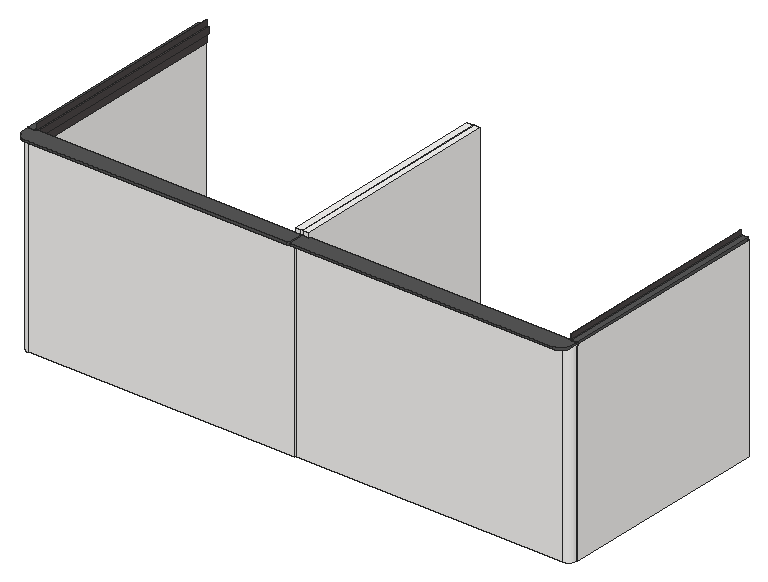
Revit family "vanity unit with 2 drawers for consoles with countertop basin ground", category Furniture, Revit 2019 (continued)
Definition of nested family "vanity unit 1360_550 with 2 drawers for consoles with countertop basin ground-54069670-dark walnut-matt_black-200_conten"
  Forms (mm)
    Extrusion 1, solid, visible <- "ContentVisible", detail levels medium+fine
      sketch origin (0, 0, 0) x (1, 0, 0) y (0, 1, 0)
        loop
          line (-680, 0) -> (-680, -551) -> (680, -551) -> (680, 0) -> (664, 0) -> (664, -117) -> (-664, -117) -> (-664, 0) -> (-680, 0)
      from 0 to 480
    Extrusion 2, solid, visible <- "ContentVisible", detail levels medium+fine
      sketch origin (0, 0, 480) x (1, 0, 0) y (0, 1, 0)
        loop
          line (-678.5, -528.5) -> (-678.5, -571) -> (678.5, -571) -> (678.5, -528.5) -> (-678.5, -528.5)
      from 0 to 5
    Extrusion 3, solid, visible <- "ContentVisible", detail levels medium+fine
      sketch origin (0, 0, 0) x (1, 0, 0) y (0, 0, -1)
        loop
          line (-664, -447) -> (-664, -485) -> (-662.5, -485) -> (-662.5, -447) -> (-664, -447)
      from -528.5 to 0
    Extrusion 4, solid, visible <- "ContentVisible", detail levels medium+fine
      sketch origin (0, 0, 0) x (1, 0, 0) y (0, 0, -1)
        loop
          line (662.5, -446.8) -> (662.5, -485) -> (664, -485) -> (664, -446.8) -> (662.5, -446.8)
      from -528.5 to 0
    Extrusion 5, solid, visible <- "ContentVisible", detail levels medium+fine
      sketch origin (0, 0, 480) x (1, 0, 0) y (0, 1, 0)
        loop
          line (-680, 0) -> (-680, -530) -> (-664, -530) -> (-664, 0) -> (-680, 0)
      from 0 to 5
    Extrusion 6, solid, visible <- "ContentVisible", detail levels medium+fine
      sketch origin (0, 0, 480) x (1, 0, 0) y (0, 1, 0)
        loop
          line (664, 0) -> (664, -530) -> (680, -530) -> (680, 0) -> (664, 0)
      from 0 to 5
    Extrusion 7, solid, visible <- "ContentVisible", detail levels medium+fine
      sketch origin (0, 0, 0) x (1, 0, 0) y (0, 0, -1)
        loop
          line (-662.5, -447) -> (-662.5, -496) -> (-656.4, -496) -> (-656.4, -447) -> (-662.5, -447)
      from -528.5 to 0
    Extrusion 8, solid, visible <- "ContentVisible", detail levels medium+fine
      sketch origin (0, 0, 0) x (1, 0, 0) y (0, 0, -1)
        loop
          line (656.4, -447) -> (656.4, -496) -> (662.5, -496) -> (662.5, -447) -> (656.4, -447)
      from -528.5 to 0
    Extrusion 9, solid, visible <- "ContentVisible", detail levels coarse
      sketch origin (0, -285.5, 0) x (1, 0, 0) y (0, 1, 0)
        loop
          line (-680, -285.5) -> (680, -285.5) -> (680, 285.5) -> (-680, 285.5) -> (-680, -285.5)
      from 0 to 496
  Dimensions and locks
    aligned and locked: level to plane 2
Definition of nested family "vanity unit 1360_550 with 2 drawers for consoles with countertop basin ground-54069670-dark walnut-matt_black-400_conten"
  Parameters (values of type "Vanity unit 1360_550 with 2 drawers for consoles with countertop basin ground-54069670-Dark Walnut-MATT_BLACK-400_Conten")
    etim7_EC011381 = "EC011381"
    WEIGHT = "45.1"
    UNSPSC = "56 | Furniture and Furnishings"
    UNIFORMATII = "E2010 | Fixed Furnishings"
    UNICLASS_2015_CODE = "40_30_78_05"
    UNICLASS2015 = "Pr_40_30_78_05 | Bathroom furniture"
    SURFACE = "MATT_BLACK"
    REGIONSET = "Worldwide"
    PRODUCTURL = "https://pro.hansgrohe.com/articledetail--54069000"
    PRODUCTGROUP = "vanity unit"
    PRODUCTFAMILY = "Xelu Q"
    PERMALINK = "54069XXX"
    OMNICLASS = "23-21 19 15 33 13 | Residential Bathroom Specialty Casework"
    OBJECTTYPE = "Object (single object)"
    OBERFLAECHE = "Dark Walnut"
    NN = "Vanity Unit with 2 Drawers for consoles with countertop basin ground"
    NBSYN = "$BASENUMBER.-$ARTNR.-$OBERFLAECHE.-$SURFACE.-$LODLEVEL."
    NB = "Vanity unit 1360/550 with 2 drawers for consoles with countertop basin ground-54069670-Dark Walnut-MATT_BLACK-400"
    NAME = "Xelu Q Vanity unit Dark Walnut 1360/550 with 2 drawers for consoles with countertop basin ground"
    Model = "Vanity unit 1360/550 with 2 drawers for consoles with countertop basin ground-54069670-Dark Walnut-MATT_BLACK-400"
    Manufacturer = "Hansgrohe"
    MASTERFORMAT = "12 35 30.23 | Bathroom Casework"
    LODLEVEL = "400"
    LINA = "Vanity unit 1360/550 with 2 drawers for consoles with countertop basin ground-54069670-Dark Walnut-MATT_BLACK-400"
    L = 1360
    IFC = "Furnishing element"
    GTINCODE = "4059625456286"
    ETIM = "EC011381 | Bathroom furniture set"
    Default Elevation = 1219.2 mm
    DESIGN = "Germany"
    ContentVisible [instance] = yes
    CATALOG = "Hansgrohe"
    BIMOBJECT = "Sanitary: Compound units"
    BASENUMBER = "Vanity unit 1360/550 with 2 drawers for consoles with countertop basin ground"
    ARTNR = "54069670"
  Reference planes
    plane 1 "Center (Front/Back)": y = 0
    plane 2: z = 0
    plane 3 "Center (Left/Right)": x = 0
  Forms (mm)
    Extrusion 1, solid, visible <- "ContentVisible", detail levels medium+fine
      sketch origin (0, 0, 0) x (1, 0, 0) y (0, 1, 0)
        loop
          line (-680, 0) -> (-680, -527)
          arc (-680, -527) -> (-679.121, -529.121) -> (-677, -530) r 3
          line (-677, -530) -> (-664, -530) -> (-664, 0) -> (-680, 0)
      from 0 to 480
    Extrusion 2, solid, visible <- "ContentVisible", detail levels medium+fine
      sketch origin (0, 0, 0) x (1, 0, 0) y (0, 1, 0)
        loop
          line (-664, -133) -> (-664, -499.5) -> (-16, -499.5) -> (-16, -133) -> (-664, -133)
      from 0 to 16
    Extrusion 3, solid, visible <- "ContentVisible", detail levels medium+fine
      sketch origin (0, 0, 0) x (1, 0, 0) y (0, 1, 0)
        loop
          line (-16, 0) -> (-16, -530) -> (-3, -530)
          arc (-3, -530) -> (-0.879, -529.121) -> (0, -527) r 3
          line (0, -527) -> (0, 0) -> (-16, 0)
      from 0 to 496
    Extrusion 4, solid, visible <- "ContentVisible", detail levels medium+fine
      sketch origin (0, 0, 0) x (1, 0, 0) y (0, 1, 0)
        loop
          line (0, 0) -> (0, -527)
          arc (0, -527) -> (0.879, -529.121) -> (3, -530) r 3
          line (3, -530) -> (16, -530) -> (16, 0) -> (0, 0)
      from 0 to 496
    Extrusion 5, solid, visible <- "ContentVisible", detail levels medium+fine
      sketch origin (0, 0, 0) x (1, 0, 0) y (0, 1, 0)
        loop
          line (16, -499.5) -> (664, -499.5) -> (664, -133) -> (16, -133) -> (16, -499.5)
      from 0 to 16
    Extrusion 6, solid, visible <- "ContentVisible", detail levels medium+fine
      sketch origin (0, 0, 0) x (1, 0, 0) y (0, 1, 0)
        loop
          line (664, 0) -> (664, -530) -> (677, -530)
          arc (677, -530) -> (679.121, -529.121) -> (680, -527) r 3
          line (680, -527) -> (680, 0) -> (664, 0)
      from 0 to 480
    Extrusion 7, solid, visible <- "ContentVisible", detail levels medium+fine
      sketch origin (0, 0, 0) x (1, 0, 0) y (0, 1, 0)
        loop
          line (-664, -117) -> (-664, -133) -> (664, -133) -> (664, -117) -> (-664, -117)
      from 0 to 126
    Extrusion 8, solid, visible <- "ContentVisible", detail levels medium+fine
      sketch origin (0, 0, 2) x (1, 0, 0) y (0, 1, 0)
        loop
          arc (-680, -532) -> (-674.435, -545.435) -> (-661, -551) r 19
          line (-661, -551) -> (-2.5, -551)
          arc (-2.5, -551) -> (-1.793, -550.707) -> (-1.5, -550) r 1
          line (-1.5, -550) -> (-1.5, -530) -> (-680, -530) -> (-680, -532)
      from 0 to 478
    Extrusion 9, solid, visible <- "ContentVisible", detail levels medium+fine
      sketch origin (0, 0, 2) x (1, 0, 0) y (0, 1, 0)
        loop
          arc (1.5, -550) -> (1.793, -550.707) -> (2.5, -551) r 1
          line (2.5, -551) -> (661, -551)
          arc (661, -551) -> (674.435, -545.435) -> (680, -532) r 19
          line (680, -532) -> (680, -530) -> (1.5, -530) -> (1.5, -550)
      from 0 to 478
    Extrusion 10, solid, visible <- "ContentVisible", detail levels medium+fine
      sketch origin (0, 0, 480) x (1, 0, 0) y (0, 1, 0)
        loop
          line (-678.5, -530) -> (-678.5, -546)
          arc (-678.5, -546) -> (-671.178, -563.678) -> (-653.5, -571) r 25
          line (-653.5, -571) -> (-4.5, -571)
          arc (-4.5, -571) -> (-2.379, -570.121) -> (-1.5, -568) r 3
          line (-1.5, -568) -> (-1.5, -528.5) -> (-658.5, -528.5) -> (-658.5, -530) -> (-678.5, -530)
      from 0 to 5
    Extrusion 11, solid, visible <- "ContentVisible", detail levels medium+fine
      sketch origin (0, 0, 480) x (1, 0, 0) y (0, 1, 0)
        loop
          arc (1.5, -568) -> (2.379, -570.121) -> (4.5, -571) r 3
          line (4.5, -571) -> (653.5, -571)
          arc (653.5, -571) -> (671.178, -563.678) -> (678.5, -546) r 25
          line (678.5, -546) -> (678.5, -530) -> (658.5, -530) -> (658.5, -528.5) -> (1.5, -528.5) -> (1.5, -568)
      from 0 to 5
    Extrusion 12, solid, visible <- "ContentVisible", detail levels medium+fine
      sketch origin (-1.5, 0, 0) x (0, 0, -1) y (0, 1, 0)
        loop
          line (-480, -528.5) -> (-480, -530) -> (-450, -530) -> (-450, -528.5) -> (-480, -528.5)
      from -664 to 0
    Extrusion 13, solid, visible <- "ContentVisible", detail levels medium+fine
      sketch origin (1.5, 0, 0) x (0, 0, -1) y (0, 1, 0)
        loop
          line (-480, -528.5) -> (-480, -530) -> (-450, -530) -> (-450, -528.5) -> (-480, -528.5)
      from 0 to 664
    Extrusion 14, solid, visible <- "ContentVisible", detail levels medium+fine
      sketch origin (0, 0, 0) x (1, 0, 0) y (0, 0, -1)
        loop
          line (-664, -447) -> (-664, -485) -> (-662.5, -485) -> (-662.5, -447) -> (-664, -447)
      from -528.5 to 0
    Extrusion 15, solid, visible <- "ContentVisible", detail levels medium+fine
      sketch origin (0, 0, 0) x (1, 0, 0) y (0, 0, -1)
        loop
          line (662.5, -446.8) -> (662.5, -485) -> (664, -485) -> (664, -446.8) -> (662.5, -446.8)
      from -528.5 to 0
    Extrusion 16, solid, visible <- "ContentVisible", detail levels medium+fine
      sketch origin (0, 0, 480) x (1, 0, 0) y (0, 1, 0)
        loop
          line (-680, -3) -> (-680, -527)
          arc (-680, -527) -> (-679.121, -529.121) -> (-677, -530) r 3
          line (-677, -530) -> (-664, -530) -> (-664, 0) -> (-677, 0)
          arc (-677, 0) -> (-679.121, -0.879) -> (-680, -3) r 3
      from 0 to 5
    Extrusion 17, solid, visible <- "ContentVisible", detail levels medium+fine
      sketch origin (0, 0, 480) x (1, 0, 0) y (0, 1, 0)
        loop
          line (664, 0) -> (664, -530) -> (677, -530)
          arc (677, -530) -> (679.121, -529.121) -> (680, -527) r 3
          line (680, -527) -> (680, -3)
          arc (680, -3) -> (679.121, -0.879) -> (677, 0) r 3
          line (677, 0) -> (664, 0)
      from 0 to 5
    Extrusion 18, solid, visible <- "ContentVisible", detail levels medium+fine
      sketch origin (0, 0, 0) x (1, 0, 0) y (0, 0, -1)
        loop
          line (-662.5, -447) -> (-662.5, -496) -> (-661, -496) -> (-661, -483) -> (-656.4, -483) -> (-656.4, -468.5) -> (-661, -468.5) -> (-661, -447) -> (-662.5, -447)
      from -525 to 0
    Extrusion 19, solid, visible <- "ContentVisible", detail levels medium+fine
      sketch origin (0, 0, 0) x (1, 0, 0) y (0, 0, -1)
        loop
          line (656.4, -468.5) -> (656.4, -483) -> (661, -483) -> (661, -496) -> (662.5, -496) -> (662.5, -447) -> (661, -447) -> (661, -468.5) -> (656.4, -468.5)
      from -525 to 0
    Extrusion 20, solid, visible <- "ContentVisible", detail levels medium+fine
      sketch origin (0, 0, 0) x (0, 0, -1) y (0, 1, 0)
        loop
          line (-440, -477) -> (-440, -493) -> (-366, -493) -> (-366, -477) -> (-440, -477)
      from -664 to 664
    Extrusion 21, solid, visible <- "ContentVisible", detail levels coarse
      sketch origin (0, -285.5, 0) x (1, 0, 0) y (0, 1, 0)
        loop
          line (-680, -285.5) -> (680, -285.5) -> (680, 285.5) -> (-680, 285.5) -> (-680, -285.5)
      from 0 to 496
  Dimensions and locks
    aligned and locked: level to plane 2
Definition of nested family "vanity unit 1360_550 with 2 drawers for consoles with countertop basin ground-54069700-dark walnut-matt_white-200_conten"
  Parameters (values of type "Vanity unit 1360_550 with 2 drawers for consoles with countertop basin ground-54069700-Dark Walnut-MATT_WHITE-200_Conten")
    etim7_EC011381 = "EC011381"
    WEIGHT = "45.1"
    UNSPSC = "56 | Furniture and Furnishings"
    UNIFORMATII = "E2010 | Fixed Furnishings"
    UNICLASS_2015_CODE = "40_30_78_05"
    UNICLASS2015 = "Pr_40_30_78_05 | Bathroom furniture"
    SURFACE = "MATT_WHITE"
    REGIONSET = "Worldwide"
    PRODUCTURL = "https://pro.hansgrohe.com/articledetail--54069000"
    PRODUCTGROUP = "vanity unit"
    PRODUCTFAMILY = "Xelu Q"
    PERMALINK = "54069XXX"
    OMNICLASS = "23-21 19 15 33 13 | Residential Bathroom Specialty Casework"
    OBJECTTYPE = "Object (single object)"
    OBERFLAECHE = "Dark Walnut"
    NN = "Vanity Unit with 2 Drawers for consoles with countertop basin ground"
    NBSYN = "$BASENUMBER.-$ARTNR.-$OBERFLAECHE.-$SURFACE.-$LODLEVEL."
    NB = "Vanity unit 1360/550 with 2 drawers for consoles with countertop basin ground-54069700-Dark Walnut-MATT_WHITE-200"
    NAME = "Xelu Q Vanity unit Dark Walnut 1360/550 with 2 drawers for consoles with countertop basin ground"
    Model = "Vanity unit 1360/550 with 2 drawers for consoles with countertop basin ground-54069700-Dark Walnut-MATT_WHITE-200"
    Manufacturer = "Hansgrohe"
    MASTERFORMAT = "12 35 30.23 | Bathroom Casework"
    LODLEVEL = "200"
    LINA = "Vanity unit 1360/550 with 2 drawers for consoles with countertop basin ground-54069700-Dark Walnut-MATT_WHITE-200"
    L = 1360
    IFC = "Furnishing element"
    GTINCODE = "4059625456286"
    ETIM = "EC011381 | Bathroom furniture set"
    Default Elevation = 1219.2 mm
    DESIGN = "Germany"
    ContentVisible [instance] = yes
    CATALOG = "Hansgrohe"
    BIMOBJECT = "Sanitary: Compound units"
    BASENUMBER = "Vanity unit 1360/550 with 2 drawers for consoles with countertop basin ground"
    ARTNR = "54069700"
  Reference planes
    plane 1 "Center (Front/Back)": y = 0
    plane 2: z = 0
    plane 3 "Center (Left/Right)": x = 0
  Forms (mm)
    Extrusion 1, solid, visible <- "ContentVisible", detail levels medium+fine
      sketch origin (0, 0, 0) x (1, 0, 0) y (0, 1, 0)
        loop
          line (-680, 0) -> (-680, -551) -> (680, -551) -> (680, 0) -> (664, 0) -> (664, -117) -> (-664, -117) -> (-664, 0) -> (-680, 0)
      from 0 to 480
    Extrusion 2, solid, visible <- "ContentVisible", detail levels medium+fine
      sketch origin (0, 0, 480) x (1, 0, 0) y (0, 1, 0)
        loop
          line (-678.5, -528.5) -> (-678.5, -571) -> (678.5, -571) -> (678.5, -528.5) -> (-678.5, -528.5)
      from 0 to 5
    Extrusion 3, solid, visible <- "ContentVisible", detail levels medium+fine
      sketch origin (0, 0, 0) x (1, 0, 0) y (0, 0, -1)
        loop
          line (-664, -447) -> (-664, -485) -> (-662.5, -485) -> (-662.5, -447) -> (-664, -447)
      from -528.5 to 0
    Extrusion 4, solid, visible <- "ContentVisible", detail levels medium+fine
      sketch origin (0, 0, 0) x (1, 0, 0) y (0, 0, -1)
        loop
          line (662.5, -446.8) -> (662.5, -485) -> (664, -485) -> (664, -446.8) -> (662.5, -446.8)
      from -528.5 to 0
    Extrusion 5, solid, visible <- "ContentVisible", detail levels medium+fine
      sketch origin (0, 0, 480) x (1, 0, 0) y (0, 1, 0)
        loop
          line (-680, 0) -> (-680, -530) -> (-664, -530) -> (-664, 0) -> (-680, 0)
      from 0 to 5
    Extrusion 6, solid, visible <- "ContentVisible", detail levels medium+fine
      sketch origin (0, 0, 480) x (1, 0, 0) y (0, 1, 0)
        loop
          line (664, 0) -> (664, -530) -> (680, -530) -> (680, 0) -> (664, 0)
      from 0 to 5
    Extrusion 7, solid, visible <- "ContentVisible", detail levels medium+fine
      sketch origin (0, 0, 0) x (1, 0, 0) y (0, 0, -1)
        loop
          line (-662.5, -447) -> (-662.5, -496) -> (-656.4, -496) -> (-656.4, -447) -> (-662.5, -447)
      from -528.5 to 0
    Extrusion 8, solid, visible <- "ContentVisible", detail levels medium+fine
      sketch origin (0, 0, 0) x (1, 0, 0) y (0, 0, -1)
        loop
          line (656.4, -447) -> (656.4, -496) -> (662.5, -496) -> (662.5, -447) -> (656.4, -447)
      from -528.5 to 0
    Extrusion 9, solid, visible <- "ContentVisible", detail levels coarse
      sketch origin (0, -285.5, 0) x (1, 0, 0) y (0, 1, 0)
        loop
          line (-680, -285.5) -> (680, -285.5) -> (680, 285.5) -> (-680, 285.5) -> (-680, -285.5)
      from 0 to 496
  Dimensions and locks
    aligned and locked: level to plane 2
Definition of nested family "vanity unit 1360_550 with 2 drawers for consoles with countertop basin ground-54069700-dark walnut-matt_white-400_conten"
  Parameters (values of type "Vanity unit 1360_550 with 2 drawers for consoles with countertop basin ground-54069700-Dark Walnut-MATT_WHITE-400_Conten")
    etim7_EC011381 = "EC011381"
    WEIGHT = "45.1"
    UNSPSC = "56 | Furniture and Furnishings"
    UNIFORMATII = "E2010 | Fixed Furnishings"
    UNICLASS_2015_CODE = "40_30_78_05"
    UNICLASS2015 = "Pr_40_30_78_05 | Bathroom furniture"
    SURFACE = "MATT_WHITE"
    REGIONSET = "Worldwide"
    PRODUCTURL = "https://pro.hansgrohe.com/articledetail--54069000"
    PRODUCTGROUP = "vanity unit"
    PRODUCTFAMILY = "Xelu Q"
    PERMALINK = "54069XXX"
    OMNICLASS = "23-21 19 15 33 13 | Residential Bathroom Specialty Casework"
    OBJECTTYPE = "Object (single object)"
    OBERFLAECHE = "Dark Walnut"
    NN = "Vanity Unit with 2 Drawers for consoles with countertop basin ground"
    NBSYN = "$BASENUMBER.-$ARTNR.-$OBERFLAECHE.-$SURFACE.-$LODLEVEL."
    NB = "Vanity unit 1360/550 with 2 drawers for consoles with countertop basin ground-54069700-Dark Walnut-MATT_WHITE-400"
    NAME = "Xelu Q Vanity unit Dark Walnut 1360/550 with 2 drawers for consoles with countertop basin ground"
    Model = "Vanity unit 1360/550 with 2 drawers for consoles with countertop basin ground-54069700-Dark Walnut-MATT_WHITE-400"
    Manufacturer = "Hansgrohe"
    MASTERFORMAT = "12 35 30.23 | Bathroom Casework"
    LODLEVEL = "400"
    LINA = "Vanity unit 1360/550 with 2 drawers for consoles with countertop basin ground-54069700-Dark Walnut-MATT_WHITE-400"
    L = 1360
    IFC = "Furnishing element"
    GTINCODE = "4059625456286"
    ETIM = "EC011381 | Bathroom furniture set"
    Default Elevation = 1219.2 mm
    DESIGN = "Germany"
    ContentVisible [instance] = yes
    CATALOG = "Hansgrohe"
    BIMOBJECT = "Sanitary: Compound units"
    BASENUMBER = "Vanity unit 1360/550 with 2 drawers for consoles with countertop basin ground"
    ARTNR = "54069700"
  Reference planes
    plane 1 "Center (Front/Back)": y = 0
    plane 2: z = 0
    plane 3 "Center (Left/Right)": x = 0
  Forms (mm)
    Extrusion 1, solid, visible <- "ContentVisible", detail levels medium+fine
      sketch origin (0, 0, 0) x (1, 0, 0) y (0, 1, 0)
        loop
          line (-680, 0) -> (-680, -527)
          arc (-680, -527) -> (-679.121, -529.121) -> (-677, -530) r 3
          line (-677, -530) -> (-664, -530) -> (-664, 0) -> (-680, 0)
      from 0 to 480
    Extrusion 2, solid, visible <- "ContentVisible", detail levels medium+fine
      sketch origin (0, 0, 0) x (1, 0, 0) y (0, 1, 0)
        loop
          line (-664, -133) -> (-664, -499.5) -> (-16, -499.5) -> (-16, -133) -> (-664, -133)
      from 0 to 16
    Extrusion 3, solid, visible <- "ContentVisible", detail levels medium+fine
      sketch origin (0, 0, 0) x (1, 0, 0) y (0, 1, 0)
        loop
          line (-16, 0) -> (-16, -530) -> (-3, -530)
          arc (-3, -530) -> (-0.879, -529.121) -> (0, -527) r 3
          line (0, -527) -> (0, 0) -> (-16, 0)
      from 0 to 496
    Extrusion 4, solid, visible <- "ContentVisible", detail levels medium+fine
      sketch origin (0, 0, 0) x (1, 0, 0) y (0, 1, 0)
        loop
          line (0, 0) -> (0, -527)
          arc (0, -527) -> (0.879, -529.121) -> (3, -530) r 3
          line (3, -530) -> (16, -530) -> (16, 0) -> (0, 0)
      from 0 to 496
    Extrusion 5, solid, visible <- "ContentVisible", detail levels medium+fine
      sketch origin (0, 0, 0) x (1, 0, 0) y (0, 1, 0)
        loop
          line (16, -499.5) -> (664, -499.5) -> (664, -133) -> (16, -133) -> (16, -499.5)
      from 0 to 16
    Extrusion 6, solid, visible <- "ContentVisible", detail levels medium+fine
      sketch origin (0, 0, 0) x (1, 0, 0) y (0, 1, 0)
        loop
          line (664, 0) -> (664, -530) -> (677, -530)
          arc (677, -530) -> (679.121, -529.121) -> (680, -527) r 3
          line (680, -527) -> (680, 0) -> (664, 0)
      from 0 to 480
    Extrusion 7, solid, visible <- "ContentVisible", detail levels medium+fine
      sketch origin (0, 0, 0) x (1, 0, 0) y (0, 1, 0)
        loop
          line (-664, -117) -> (-664, -133) -> (664, -133) -> (664, -117) -> (-664, -117)
      from 0 to 126
    Extrusion 8, solid, visible <- "ContentVisible", detail levels medium+fine
      sketch origin (0, 0, 2) x (1, 0, 0) y (0, 1, 0)
        loop
          arc (-680, -532) -> (-674.435, -545.435) -> (-661, -551) r 19
          line (-661, -551) -> (-2.5, -551)
          arc (-2.5, -551) -> (-1.793, -550.707) -> (-1.5, -550) r 1
          line (-1.5, -550) -> (-1.5, -530) -> (-680, -530) -> (-680, -532)
      from 0 to 478
    Extrusion 9, solid, visible <- "ContentVisible", detail levels medium+fine
      sketch origin (0, 0, 2) x (1, 0, 0) y (0, 1, 0)
        loop
          arc (1.5, -550) -> (1.793, -550.707) -> (2.5, -551) r 1
          line (2.5, -551) -> (661, -551)
          arc (661, -551) -> (674.435, -545.435) -> (680, -532) r 19
          line (680, -532) -> (680, -530) -> (1.5, -530) -> (1.5, -550)
      from 0 to 478
    Extrusion 10, solid, visible <- "ContentVisible", detail levels medium+fine
      sketch origin (0, 0, 480) x (1, 0, 0) y (0, 1, 0)
        loop
          line (-678.5, -530) -> (-678.5, -546)
          arc (-678.5, -546) -> (-671.178, -563.678) -> (-653.5, -571) r 25
          line (-653.5, -571) -> (-4.5, -571)
          arc (-4.5, -571) -> (-2.379, -570.121) -> (-1.5, -568) r 3
          line (-1.5, -568) -> (-1.5, -528.5) -> (-658.5, -528.5) -> (-658.5, -530) -> (-678.5, -530)
      from 0 to 5
    Extrusion 11, solid, visible <- "ContentVisible", detail levels medium+fine
      sketch origin (0, 0, 480) x (1, 0, 0) y (0, 1, 0)
        loop
          arc (1.5, -568) -> (2.379, -570.121) -> (4.5, -571) r 3
          line (4.5, -571) -> (653.5, -571)
          arc (653.5, -571) -> (671.178, -563.678) -> (678.5, -546) r 25
          line (678.5, -546) -> (678.5, -530) -> (658.5, -530) -> (658.5, -528.5) -> (1.5, -528.5) -> (1.5, -568)
      from 0 to 5
    Extrusion 12, solid, visible <- "ContentVisible", detail levels medium+fine
      sketch origin (-1.5, 0, 0) x (0, 0, -1) y (0, 1, 0)
        loop
          line (-480, -528.5) -> (-480, -530) -> (-450, -530) -> (-450, -528.5) -> (-480, -528.5)
      from -664 to 0
    Extrusion 13, solid, visible <- "ContentVisible", detail levels medium+fine
      sketch origin (1.5, 0, 0) x (0, 0, -1) y (0, 1, 0)
        loop
          line (-480, -528.5) -> (-480, -530) -> (-450, -530) -> (-450, -528.5) -> (-480, -528.5)
      from 0 to 664
    Extrusion 14, solid, visible <- "ContentVisible", detail levels medium+fine
      sketch origin (0, 0, 0) x (1, 0, 0) y (0, 0, -1)
        loop
          line (-664, -447) -> (-664, -485) -> (-662.5, -485) -> (-662.5, -447) -> (-664, -447)
      from -528.5 to 0
    Extrusion 15, solid, visible <- "ContentVisible", detail levels medium+fine
      sketch origin (0, 0, 0) x (1, 0, 0) y (0, 0, -1)
        loop
          line (662.5, -446.8) -> (662.5, -485) -> (664, -485) -> (664, -446.8) -> (662.5, -446.8)
      from -528.5 to 0
    Extrusion 16, solid, visible <- "ContentVisible", detail levels medium+fine
      sketch origin (0, 0, 480) x (1, 0, 0) y (0, 1, 0)
        loop
          line (-680, -3) -> (-680, -527)
          arc (-680, -527) -> (-679.121, -529.121) -> (-677, -530) r 3
          line (-677, -530) -> (-664, -530) -> (-664, 0) -> (-677, 0)
          arc (-677, 0) -> (-679.121, -0.879) -> (-680, -3) r 3
      from 0 to 5
    Extrusion 17, solid, visible <- "ContentVisible", detail levels medium+fine
      sketch origin (0, 0, 480) x (1, 0, 0) y (0, 1, 0)
        loop
          line (664, 0) -> (664, -530) -> (677, -530)
          arc (677, -530) -> (679.121, -529.121) -> (680, -527) r 3
          line (680, -527) -> (680, -3)
          arc (680, -3) -> (679.121, -0.879) -> (677, 0) r 3
          line (677, 0) -> (664, 0)
      from 0 to 5
    Extrusion 18, solid, visible <- "ContentVisible", detail levels medium+fine
      sketch origin (0, 0, 0) x (1, 0, 0) y (0, 0, -1)
        loop
          line (-662.5, -447) -> (-662.5, -496) -> (-661, -496) -> (-661, -483) -> (-656.4, -483) -> (-656.4, -468.5) -> (-661, -468.5) -> (-661, -447) -> (-662.5, -447)
      from -525 to 0
    Extrusion 19, solid, visible <- "ContentVisible", detail levels medium+fine
      sketch origin (0, 0, 0) x (1, 0, 0) y (0, 0, -1)
        loop
          line (656.4, -468.5) -> (656.4, -483) -> (661, -483) -> (661, -496) -> (662.5, -496) -> (662.5, -447) -> (661, -447) -> (661, -468.5) -> (656.4, -468.5)
      from -525 to 0
    Extrusion 20, solid, visible <- "ContentVisible", detail levels medium+fine
      sketch origin (0, 0, 0) x (0, 0, -1) y (0, 1, 0)
        loop
          line (-440, -477) -> (-440, -493) -> (-366, -493) -> (-366, -477) -> (-440, -477)
      from -664 to 664
    Extrusion 21, solid, visible <- "ContentVisible", detail levels coarse
      sketch origin (0, -285.5, 0) x (1, 0, 0) y (0, 1, 0)
        loop
          line (-680, -285.5) -> (680, -285.5) -> (680, 285.5) -> (-680, 285.5) -> (-680, -285.5)
      from 0 to 496
  Dimensions and locks
    aligned and locked: level to plane 2
Definition of nested family "vanity unit 1560_550 with 2 drawers for consoles with countertop basin ground-54070000-high gloss white-chrome-200_conte"
  Parameters (values of type "Vanity unit 1560_550 with 2 drawers for consoles with countertop basin ground-54070000-High Gloss White-CHROME-200_Conte")
    etim7_EC011381 = "EC011381"
    WEIGHT = "49.1"
    UNSPSC = "56 | Furniture and Furnishings"
    UNIFORMATII = "E2010 | Fixed Furnishings"
    UNICLASS_2015_CODE = "40_30_78_05"
    UNICLASS2015 = "Pr_40_30_78_05 | Bathroom furniture"
    SURFACE = "CHROME"
    REGIONSET = "Worldwide"
    PRODUCTURL = "https://pro.hansgrohe.com/articledetail--54070000"
    PRODUCTGROUP = "vanity unit"
    PRODUCTFAMILY = "Xelu Q"
    PERMALINK = "54070XXX"
    OMNICLASS = "23-21 19 15 33 13 | Residential Bathroom Specialty Casework"
    OBJECTTYPE = "Object (single object)"
    OBERFLAECHE = "High Gloss White"
    NN = "Vanity Unit with 2 Drawers for consoles with countertop basin ground"
    NBSYN = "$BASENUMBER.-$ARTNR.-$OBERFLAECHE.-$SURFACE.-$LODLEVEL."
    NB = "Vanity unit 1560/550 with 2 drawers for consoles with countertop basin ground-54070000-High Gloss White-CHROME-200"
    NAME = "Xelu Q Vanity unit High Gloss White 1560/550 with 2 drawers for consoles with countertop basin ground"
    Model = "Vanity unit 1560/550 with 2 drawers for consoles with countertop basin ground-54070000-High Gloss White-CHROME-200"
    Manufacturer = "Hansgrohe"
    MASTERFORMAT = "12 35 30.23 | Bathroom Casework"
    LODLEVEL = "200"
    LINA = "Vanity unit 1560/550 with 2 drawers for consoles with countertop basin ground-54070000-High Gloss White-CHROME-200"
    L = 1560
    IFC = "Furnishing element"
    GTINCODE = "4059625456255"
    ETIM = "EC011381 | Bathroom furniture set"
    Default Elevation = 1219.2 mm
    DESIGN = "Germany"
    ContentVisible [instance] = yes
    CATALOG = "Hansgrohe"
    BIMOBJECT = "Sanitary: Compound units"
    BASENUMBER = "Vanity unit 1560/550 with 2 drawers for consoles with countertop basin ground"
    ARTNR = "54070000"
  Reference planes
    plane 1 "Center (Front/Back)": y = 0
    plane 2: z = 0
    plane 3 "Center (Left/Right)": x = 0
  Forms (mm)
    Extrusion 1, solid, visible <- "ContentVisible", detail levels medium+fine
      sketch origin (0, 0, 0) x (1, 0, 0) y (0, 1, 0)
        loop
          line (-780, 0) -> (-780, -551) -> (780, -551) -> (780, 0) -> (764, 0) -> (764, -117) -> (-764, -117) -> (-764, 0) -> (-780, 0)
      from 0 to 480
    Extrusion 2, solid, visible <- "ContentVisible", detail levels medium+fine
      sketch origin (0, 0, 480) x (1, 0, 0) y (0, 1, 0)
        loop
          line (-778.5, -528.5) -> (-778.5, -571) -> (778.5, -571) -> (778.5, -528.5) -> (-778.5, -528.5)
      from 0 to 5
    Extrusion 3, solid, visible <- "ContentVisible", detail levels medium+fine
      sketch origin (0, 0, 0) x (1, 0, 0) y (0, 0, -1)
        loop
          line (-764, -447) -> (-764, -485) -> (-762.5, -485) -> (-762.5, -447) -> (-764, -447)
      from -528.5 to 0
    Extrusion 4, solid, visible <- "ContentVisible", detail levels medium+fine
      sketch origin (0, 0, 0) x (1, 0, 0) y (0, 0, -1)
        loop
          line (762.5, -446.8) -> (762.5, -485) -> (764, -485) -> (764, -446.8) -> (762.5, -446.8)
      from -528.5 to 0
    Extrusion 5, solid, visible <- "ContentVisible", detail levels medium+fine
      sketch origin (0, 0, 480) x (1, 0, 0) y (0, 1, 0)
        loop
          line (-780, 0) -> (-780, -530) -> (-764, -530) -> (-764, 0) -> (-780, 0)
      from 0 to 5
    Extrusion 6, solid, visible <- "ContentVisible", detail levels medium+fine
      sketch origin (0, 0, 480) x (1, 0, 0) y (0, 1, 0)
        loop
          line (764, 0) -> (764, -530) -> (780, -530) -> (780, 0) -> (764, 0)
      from 0 to 5
    Extrusion 7, solid, visible <- "ContentVisible", detail levels medium+fine
      sketch origin (0, 0, 0) x (1, 0, 0) y (0, 0, -1)
        loop
          line (-762.5, -447) -> (-762.5, -496) -> (-756.4, -496) -> (-756.4, -447) -> (-762.5, -447)
      from -528.5 to 0
    Extrusion 8, solid, visible <- "ContentVisible", detail levels medium+fine
      sketch origin (0, 0, 0) x (1, 0, 0) y (0, 0, -1)
        loop
          line (756.4, -447) -> (756.4, -496) -> (762.5, -496) -> (762.5, -447) -> (756.4, -447)
      from -528.5 to 0
    Extrusion 9, solid, visible <- "ContentVisible", detail levels coarse
      sketch origin (0, -285.5, 0) x (1, 0, 0) y (0, 1, 0)
        loop
          line (-780, -285.5) -> (780, -285.5) -> (780, 285.5) -> (-780, 285.5) -> (-780, -285.5)
      from 0 to 496
  Dimensions and locks
    aligned and locked: level to plane 2
Definition of nested family "vanity unit 1560_550 with 2 drawers for consoles with countertop basin ground-54070000-high gloss white-chrome-400_conte"
  Parameters (values of type "Vanity unit 1560_550 with 2 drawers for consoles with countertop basin ground-54070000-High Gloss White-CHROME-400_Conte")
    etim7_EC011381 = "EC011381"
    WEIGHT = "49.1"
    UNSPSC = "56 | Furniture and Furnishings"
    UNIFORMATII = "E2010 | Fixed Furnishings"
    UNICLASS_2015_CODE = "40_30_78_05"
    UNICLASS2015 = "Pr_40_30_78_05 | Bathroom furniture"
    SURFACE = "CHROME"
    REGIONSET = "Worldwide"
    PRODUCTURL = "https://pro.hansgrohe.com/articledetail--54070000"
    PRODUCTGROUP = "vanity unit"
    PRODUCTFAMILY = "Xelu Q"
    PERMALINK = "54070XXX"
    OMNICLASS = "23-21 19 15 33 13 | Residential Bathroom Specialty Casework"
    OBJECTTYPE = "Object (single object)"
    OBERFLAECHE = "High Gloss White"
    NN = "Vanity Unit with 2 Drawers for consoles with countertop basin ground"
    NBSYN = "$BASENUMBER.-$ARTNR.-$OBERFLAECHE.-$SURFACE.-$LODLEVEL."
    NB = "Vanity unit 1560/550 with 2 drawers for consoles with countertop basin ground-54070000-High Gloss White-CHROME-400"
    NAME = "Xelu Q Vanity unit High Gloss White 1560/550 with 2 drawers for consoles with countertop basin ground"
    Model = "Vanity unit 1560/550 with 2 drawers for consoles with countertop basin ground-54070000-High Gloss White-CHROME-400"
    Manufacturer = "Hansgrohe"
    MASTERFORMAT = "12 35 30.23 | Bathroom Casework"
    LODLEVEL = "400"
    LINA = "Vanity unit 1560/550 with 2 drawers for consoles with countertop basin ground-54070000-High Gloss White-CHROME-400"
    L = 1560
    IFC = "Furnishing element"
    GTINCODE = "4059625456255"
    ETIM = "EC011381 | Bathroom furniture set"
    Default Elevation = 1219.2 mm
    DESIGN = "Germany"
    ContentVisible [instance] = yes
    CATALOG = "Hansgrohe"
    BIMOBJECT = "Sanitary: Compound units"
    BASENUMBER = "Vanity unit 1560/550 with 2 drawers for consoles with countertop basin ground"
    ARTNR = "54070000"
  Reference planes
    plane 1 "Center (Front/Back)": y = 0
    plane 2: z = 0
    plane 3 "Center (Left/Right)": x = 0
  Forms (mm)
    Extrusion 1, solid, visible <- "ContentVisible", detail levels medium+fine
      sketch origin (0, 0, 0) x (1, 0, 0) y (0, 1, 0)
        loop
          line (-780, 0) -> (-780, -527)
          arc (-780, -527) -> (-779.121, -529.121) -> (-777, -530) r 3
          line (-777, -530) -> (-764, -530) -> (-764, 0) -> (-780, 0)
      from 0 to 480
    Extrusion 2, solid, visible <- "ContentVisible", detail levels medium+fine
      sketch origin (0, 0, 0) x (1, 0, 0) y (0, 1, 0)
        loop
          line (-764, -133) -> (-764, -499.5) -> (-16, -499.5) -> (-16, -133) -> (-764, -133)
      from 0 to 16
    Extrusion 3, solid, visible <- "ContentVisible", detail levels medium+fine
      sketch origin (0, 0, 0) x (1, 0, 0) y (0, 1, 0)
        loop
          line (-16, 0) -> (-16, -530) -> (-3, -530)
          arc (-3, -530) -> (-0.879, -529.121) -> (0, -527) r 3
          line (0, -527) -> (0, 0) -> (-16, 0)
      from 0 to 496
    Extrusion 4, solid, visible <- "ContentVisible", detail levels medium+fine
      sketch origin (0, 0, 0) x (1, 0, 0) y (0, 1, 0)
        loop
          line (0, 0) -> (0, -527)
          arc (0, -527) -> (0.879, -529.121) -> (3, -530) r 3
          line (3, -530) -> (16, -530) -> (16, 0) -> (0, 0)
      from 0 to 496
    Extrusion 5, solid, visible <- "ContentVisible", detail levels medium+fine
      sketch origin (0, 0, 0) x (1, 0, 0) y (0, 1, 0)
        loop
          line (16, -499.5) -> (764, -499.5) -> (764, -133) -> (16, -133) -> (16, -499.5)
      from 0 to 16
    Extrusion 6, solid, visible <- "ContentVisible", detail levels medium+fine
      sketch origin (0, 0, 0) x (1, 0, 0) y (0, 1, 0)
        loop
          line (764, 0) -> (764, -530) -> (777, -530)
          arc (777, -530) -> (779.121, -529.121) -> (780, -527) r 3
          line (780, -527) -> (780, 0) -> (764, 0)
      from 0 to 480
    Extrusion 7, solid, visible <- "ContentVisible", detail levels medium+fine
      sketch origin (0, 0, 0) x (1, 0, 0) y (0, 1, 0)
        loop
          line (-764, -117) -> (-764, -133) -> (764, -133) -> (764, -117) -> (-764, -117)
      from 0 to 126
    Extrusion 8, solid, visible <- "ContentVisible", detail levels medium+fine
      sketch origin (0, 0, 2) x (1, 0, 0) y (0, 1, 0)
        loop
          arc (-780, -532) -> (-774.435, -545.435) -> (-761, -551) r 19
          line (-761, -551) -> (-2.5, -551)
          arc (-2.5, -551) -> (-1.793, -550.707) -> (-1.5, -550) r 1
          line (-1.5, -550) -> (-1.5, -530) -> (-780, -530) -> (-780, -532)
      from 0 to 478
    Extrusion 9, solid, visible <- "ContentVisible", detail levels medium+fine
      sketch origin (0, 0, 2) x (1, 0, 0) y (0, 1, 0)
        loop
          arc (1.5, -550) -> (1.793, -550.707) -> (2.5, -551) r 1
          line (2.5, -551) -> (761, -551)
          arc (761, -551) -> (774.435, -545.435) -> (780, -532) r 19
          line (780, -532) -> (780, -530) -> (1.5, -530) -> (1.5, -550)
      from 0 to 478
    Extrusion 10, solid, visible <- "ContentVisible", detail levels medium+fine
      sketch origin (0, 0, 480) x (1, 0, 0) y (0, 1, 0)
        loop
          line (-778.5, -530) -> (-778.5, -546)
          arc (-778.5, -546) -> (-771.178, -563.678) -> (-753.5, -571) r 25
          line (-753.5, -571) -> (-4.5, -571)
          arc (-4.5, -571) -> (-2.379, -570.121) -> (-1.5, -568) r 3
          line (-1.5, -568) -> (-1.5, -528.5) -> (-758.5, -528.5) -> (-758.5, -530) -> (-778.5, -530)
      from 0 to 5
    Extrusion 11, solid, visible <- "ContentVisible", detail levels medium+fine
      sketch origin (0, 0, 480) x (1, 0, 0) y (0, 1, 0)
        loop
          arc (1.5, -568) -> (2.379, -570.121) -> (4.5, -571) r 3
          line (4.5, -571) -> (753.5, -571)
          arc (753.5, -571) -> (771.178, -563.678) -> (778.5, -546) r 25
          line (778.5, -546) -> (778.5, -530) -> (758.5, -530) -> (758.5, -528.5) -> (1.5, -528.5) -> (1.5, -568)
      from 0 to 5
    Extrusion 12, solid, visible <- "ContentVisible", detail levels medium+fine
      sketch origin (-1.5, 0, 0) x (0, 0, -1) y (0, 1, 0)
        loop
          line (-480, -528.5) -> (-480, -530) -> (-450, -530) -> (-450, -528.5) -> (-480, -528.5)
      from -764 to 0
    Extrusion 13, solid, visible <- "ContentVisible", detail levels medium+fine
      sketch origin (1.5, 0, 0) x (0, 0, -1) y (0, 1, 0)
        loop
          line (-480, -528.5) -> (-480, -530) -> (-450, -530) -> (-450, -528.5) -> (-480, -528.5)
      from 0 to 764
    Extrusion 14, solid, visible <- "ContentVisible", detail levels medium+fine
      sketch origin (0, 0, 0) x (1, 0, 0) y (0, 0, -1)
        loop
          line (-764, -447) -> (-764, -485) -> (-762.5, -485) -> (-762.5, -447) -> (-764, -447)
      from -528.5 to 0
    Extrusion 15, solid, visible <- "ContentVisible", detail levels medium+fine
      sketch origin (0, 0, 0) x (1, 0, 0) y (0, 0, -1)
        loop
          line (762.5, -446.8) -> (762.5, -485) -> (764, -485) -> (764, -446.8) -> (762.5, -446.8)
      from -528.5 to 0
    Extrusion 16, solid, visible <- "ContentVisible", detail levels medium+fine
      sketch origin (0, 0, 480) x (1, 0, 0) y (0, 1, 0)
        loop
          line (-780, -3) -> (-780, -527)
          arc (-780, -527) -> (-779.121, -529.121) -> (-777, -530) r 3
          line (-777, -530) -> (-764, -530) -> (-764, 0) -> (-777, 0)
          arc (-777, 0) -> (-779.121, -0.879) -> (-780, -3) r 3
      from 0 to 5
    Extrusion 17, solid, visible <- "ContentVisible", detail levels medium+fine
      sketch origin (0, 0, 480) x (1, 0, 0) y (0, 1, 0)
        loop
          line (764, 0) -> (764, -530) -> (777, -530)
          arc (777, -530) -> (779.121, -529.121) -> (780, -527) r 3
          line (780, -527) -> (780, -3)
          arc (780, -3) -> (779.121, -0.879) -> (777, 0) r 3
          line (777, 0) -> (764, 0)
      from 0 to 5
    Extrusion 18, solid, visible <- "ContentVisible", detail levels medium+fine
      sketch origin (0, 0, 0) x (1, 0, 0) y (0, 0, -1)
        loop
          line (-762.5, -447) -> (-762.5, -496) -> (-761, -496) -> (-761, -483) -> (-756.4, -483) -> (-756.4, -468.5) -> (-761, -468.5) -> (-761, -447) -> (-762.5, -447)
      from -525 to 0
    Extrusion 19, solid, visible <- "ContentVisible", detail levels medium+fine
      sketch origin (0, 0, 0) x (1, 0, 0) y (0, 0, -1)
        loop
          line (756.4, -468.5) -> (756.4, -483) -> (761, -483) -> (761, -496) -> (762.5, -496) -> (762.5, -447) -> (761, -447) -> (761, -468.5) -> (756.4, -468.5)
      from -525 to 0
    Extrusion 20, solid, visible <- "ContentVisible", detail levels medium+fine
      sketch origin (0, 0, 0) x (0, 0, -1) y (0, 1, 0)
        loop
          line (-440, -477) -> (-440, -493) -> (-366, -493) -> (-366, -477) -> (-440, -477)
      from -764 to 764
    Extrusion 21, solid, visible <- "ContentVisible", detail levels coarse
      sketch origin (0, -285.5, 0) x (1, 0, 0) y (0, 1, 0)
        loop
          line (-780, -285.5) -> (780, -285.5) -> (780, 285.5) -> (-780, 285.5) -> (-780, -285.5)
      from 0 to 496
  Dimensions and locks
    aligned and locked: level to plane 2
Definition of nested family "vanity unit 1560_550 with 2 drawers for consoles with countertop basin ground-54070670-high gloss white-matt_black-200_c"
  Parameters (values of type "Vanity unit 1560_550 with 2 drawers for consoles with countertop basin ground-54070670-High Gloss White-MATT_BLACK-200_C")
    etim7_EC011381 = "EC011381"
    WEIGHT = "49.1"
    UNSPSC = "56 | Furniture and Furnishings"
    UNIFORMATII = "E2010 | Fixed Furnishings"
    UNICLASS_2015_CODE = "40_30_78_05"
    UNICLASS2015 = "Pr_40_30_78_05 | Bathroom furniture"
    SURFACE = "MATT_BLACK"
    REGIONSET = "Worldwide"
    PRODUCTURL = "https://pro.hansgrohe.com/articledetail--54070000"
    PRODUCTGROUP = "vanity unit"
    PRODUCTFAMILY = "Xelu Q"
    PERMALINK = "54070XXX"
    OMNICLASS = "23-21 19 15 33 13 | Residential Bathroom Specialty Casework"
    OBJECTTYPE = "Object (single object)"
    OBERFLAECHE = "High Gloss White"
    NN = "Vanity Unit with 2 Drawers for consoles with countertop basin ground"
    NBSYN = "$BASENUMBER.-$ARTNR.-$OBERFLAECHE.-$SURFACE.-$LODLEVEL."
    NB = "Vanity unit 1560/550 with 2 drawers for consoles with countertop basin ground-54070670-High Gloss White-MATT_BLACK-200"
    NAME = "Xelu Q Vanity unit High Gloss White 1560/550 with 2 drawers for consoles with countertop basin ground"
    Model = "Vanity unit 1560/550 with 2 drawers for consoles with countertop basin ground-54070670-High Gloss White-MATT_BLACK-200"
    Manufacturer = "Hansgrohe"
    MASTERFORMAT = "12 35 30.23 | Bathroom Casework"
    LODLEVEL = "200"
    LINA = "Vanity unit 1560/550 with 2 drawers for consoles with countertop basin ground-54070670-High Gloss White-MATT_BLACK-200"
    L = 1560
    IFC = "Furnishing element"
    GTINCODE = "4059625456255"
    ETIM = "EC011381 | Bathroom furniture set"
    Default Elevation = 1219.2 mm
    DESIGN = "Germany"
    ContentVisible [instance] = yes
    CATALOG = "Hansgrohe"
    BIMOBJECT = "Sanitary: Compound units"
    BASENUMBER = "Vanity unit 1560/550 with 2 drawers for consoles with countertop basin ground"
    ARTNR = "54070670"
  Reference planes
    plane 1 "Center (Front/Back)": y = 0
    plane 2: z = 0
    plane 3 "Center (Left/Right)": x = 0
  Forms (mm)
    Extrusion 1, solid, visible <- "ContentVisible", detail levels medium+fine
      sketch origin (0, 0, 0) x (1, 0, 0) y (0, 1, 0)
        loop
          line (-780, 0) -> (-780, -551) -> (780, -551) -> (780, 0) -> (764, 0) -> (764, -117) -> (-764, -117) -> (-764, 0) -> (-780, 0)
      from 0 to 480
    Extrusion 2, solid, visible <- "ContentVisible", detail levels medium+fine
      sketch origin (0, 0, 480) x (1, 0, 0) y (0, 1, 0)
        loop
          line (-778.5, -528.5) -> (-778.5, -571) -> (778.5, -571) -> (778.5, -528.5) -> (-778.5, -528.5)
      from 0 to 5
    Extrusion 3, solid, visible <- "ContentVisible", detail levels medium+fine
      sketch origin (0, 0, 0) x (1, 0, 0) y (0, 0, -1)
        loop
          line (-764, -447) -> (-764, -485) -> (-762.5, -485) -> (-762.5, -447) -> (-764, -447)
      from -528.5 to 0
    Extrusion 4, solid, visible <- "ContentVisible", detail levels medium+fine
      sketch origin (0, 0, 0) x (1, 0, 0) y (0, 0, -1)
        loop
          line (762.5, -446.8) -> (762.5, -485) -> (764, -485) -> (764, -446.8) -> (762.5, -446.8)
      from -528.5 to 0
    Extrusion 5, solid, visible <- "ContentVisible", detail levels medium+fine
      sketch origin (0, 0, 480) x (1, 0, 0) y (0, 1, 0)
        loop
          line (-780, 0) -> (-780, -530) -> (-764, -530) -> (-764, 0) -> (-780, 0)
      from 0 to 5
    Extrusion 6, solid, visible <- "ContentVisible", detail levels medium+fine
      sketch origin (0, 0, 480) x (1, 0, 0) y (0, 1, 0)
        loop
          line (764, 0) -> (764, -530) -> (780, -530) -> (780, 0) -> (764, 0)
      from 0 to 5
    Extrusion 7, solid, visible <- "ContentVisible", detail levels medium+fine
      sketch origin (0, 0, 0) x (1, 0, 0) y (0, 0, -1)
        loop
          line (-762.5, -447) -> (-762.5, -496) -> (-756.4, -496) -> (-756.4, -447) -> (-762.5, -447)
      from -528.5 to 0
    Extrusion 8, solid, visible <- "ContentVisible", detail levels medium+fine
      sketch origin (0, 0, 0) x (1, 0, 0) y (0, 0, -1)
        loop
          line (756.4, -447) -> (756.4, -496) -> (762.5, -496) -> (762.5, -447) -> (756.4, -447)
      from -528.5 to 0
    Extrusion 9, solid, visible <- "ContentVisible", detail levels coarse
      sketch origin (0, -285.5, 0) x (1, 0, 0) y (0, 1, 0)
        loop
          line (-780, -285.5) -> (780, -285.5) -> (780, 285.5) -> (-780, 285.5) -> (-780, -285.5)
      from 0 to 496
  Dimensions and locks
    aligned and locked: level to plane 2
Definition of nested family "vanity unit 1560_550 with 2 drawers for consoles with countertop basin ground-54070670-high gloss white-matt_black-400_c"
  Parameters (values of type "Vanity unit 1560_550 with 2 drawers for consoles with countertop basin ground-54070670-High Gloss White-MATT_BLACK-400_C")
    etim7_EC011381 = "EC011381"
    WEIGHT = "49.1"
    UNSPSC = "56 | Furniture and Furnishings"
    UNIFORMATII = "E2010 | Fixed Furnishings"
    UNICLASS_2015_CODE = "40_30_78_05"
    UNICLASS2015 = "Pr_40_30_78_05 | Bathroom furniture"
    SURFACE = "MATT_BLACK"
    REGIONSET = "Worldwide"
    PRODUCTURL = "https://pro.hansgrohe.com/articledetail--54070000"
    PRODUCTGROUP = "vanity unit"
    PRODUCTFAMILY = "Xelu Q"
    PERMALINK = "54070XXX"
    OMNICLASS = "23-21 19 15 33 13 | Residential Bathroom Specialty Casework"
    OBJECTTYPE = "Object (single object)"
    OBERFLAECHE = "High Gloss White"
    NN = "Vanity Unit with 2 Drawers for consoles with countertop basin ground"
    NBSYN = "$BASENUMBER.-$ARTNR.-$OBERFLAECHE.-$SURFACE.-$LODLEVEL."
    NB = "Vanity unit 1560/550 with 2 drawers for consoles with countertop basin ground-54070670-High Gloss White-MATT_BLACK-400"
    NAME = "Xelu Q Vanity unit High Gloss White 1560/550 with 2 drawers for consoles with countertop basin ground"
    Model = "Vanity unit 1560/550 with 2 drawers for consoles with countertop basin ground-54070670-High Gloss White-MATT_BLACK-400"
    Manufacturer = "Hansgrohe"
    MASTERFORMAT = "12 35 30.23 | Bathroom Casework"
    LODLEVEL = "400"
    LINA = "Vanity unit 1560/550 with 2 drawers for consoles with countertop basin ground-54070670-High Gloss White-MATT_BLACK-400"
    L = 1560
    IFC = "Furnishing element"
    GTINCODE = "4059625456255"
    ETIM = "EC011381 | Bathroom furniture set"
    Default Elevation = 1219.2 mm
    DESIGN = "Germany"
    ContentVisible [instance] = yes
    CATALOG = "Hansgrohe"
    BIMOBJECT = "Sanitary: Compound units"
    BASENUMBER = "Vanity unit 1560/550 with 2 drawers for consoles with countertop basin ground"
    ARTNR = "54070670"
  Reference planes
    plane 1 "Center (Front/Back)": y = 0
    plane 2: z = 0
    plane 3 "Center (Left/Right)": x = 0
  Forms (mm)
    Extrusion 1, solid, visible <- "ContentVisible", detail levels medium+fine
      sketch origin (0, 0, 0) x (1, 0, 0) y (0, 1, 0)
        loop
          line (-780, 0) -> (-780, -527)
          arc (-780, -527) -> (-779.121, -529.121) -> (-777, -530) r 3
          line (-777, -530) -> (-764, -530) -> (-764, 0) -> (-780, 0)
      from 0 to 480
    Extrusion 2, solid, visible <- "ContentVisible", detail levels medium+fine
      sketch origin (0, 0, 0) x (1, 0, 0) y (0, 1, 0)
        loop
          line (-764, -133) -> (-764, -499.5) -> (-16, -499.5) -> (-16, -133) -> (-764, -133)
      from 0 to 16
    Extrusion 3, solid, visible <- "ContentVisible", detail levels medium+fine
      sketch origin (0, 0, 0) x (1, 0, 0) y (0, 1, 0)
        loop
          line (-16, 0) -> (-16, -530) -> (-3, -530)
          arc (-3, -530) -> (-0.879, -529.121) -> (0, -527) r 3
          line (0, -527) -> (0, 0) -> (-16, 0)
      from 0 to 496
    Extrusion 4, solid, visible <- "ContentVisible", detail levels medium+fine
      sketch origin (0, 0, 0) x (1, 0, 0) y (0, 1, 0)
        loop
          line (0, 0) -> (0, -527)
          arc (0, -527) -> (0.879, -529.121) -> (3, -530) r 3
          line (3, -530) -> (16, -530) -> (16, 0) -> (0, 0)
      from 0 to 496
    Extrusion 5, solid, visible <- "ContentVisible", detail levels medium+fine
      sketch origin (0, 0, 0) x (1, 0, 0) y (0, 1, 0)
        loop
          line (16, -499.5) -> (764, -499.5) -> (764, -133) -> (16, -133) -> (16, -499.5)
      from 0 to 16
    Extrusion 6, solid, visible <- "ContentVisible", detail levels medium+fine
      sketch origin (0, 0, 0) x (1, 0, 0) y (0, 1, 0)
        loop
          line (764, 0) -> (764, -530) -> (777, -530)
          arc (777, -530) -> (779.121, -529.121) -> (780, -527) r 3
          line (780, -527) -> (780, 0) -> (764, 0)
      from 0 to 480
    Extrusion 7, solid, visible <- "ContentVisible", detail levels medium+fine
      sketch origin (0, 0, 0) x (1, 0, 0) y (0, 1, 0)
        loop
          line (-764, -117) -> (-764, -133) -> (764, -133) -> (764, -117) -> (-764, -117)
      from 0 to 126
    Extrusion 8, solid, visible <- "ContentVisible", detail levels medium+fine
      sketch origin (0, 0, 2) x (1, 0, 0) y (0, 1, 0)
        loop
          arc (-780, -532) -> (-774.435, -545.435) -> (-761, -551) r 19
          line (-761, -551) -> (-2.5, -551)
          arc (-2.5, -551) -> (-1.793, -550.707) -> (-1.5, -550) r 1
          line (-1.5, -550) -> (-1.5, -530) -> (-780, -530) -> (-780, -532)
      from 0 to 478
    Extrusion 9, solid, visible <- "ContentVisible", detail levels medium+fine
      sketch origin (0, 0, 2) x (1, 0, 0) y (0, 1, 0)
        loop
          arc (1.5, -550) -> (1.793, -550.707) -> (2.5, -551) r 1
          line (2.5, -551) -> (761, -551)
          arc (761, -551) -> (774.435, -545.435) -> (780, -532) r 19
          line (780, -532) -> (780, -530) -> (1.5, -530) -> (1.5, -550)
      from 0 to 478
    Extrusion 10, solid, visible <- "ContentVisible", detail levels medium+fine
      sketch origin (0, 0, 480) x (1, 0, 0) y (0, 1, 0)
        loop
          line (-778.5, -530) -> (-778.5, -546)
          arc (-778.5, -546) -> (-771.178, -563.678) -> (-753.5, -571) r 25
          line (-753.5, -571) -> (-4.5, -571)
          arc (-4.5, -571) -> (-2.379, -570.121) -> (-1.5, -568) r 3
          line (-1.5, -568) -> (-1.5, -528.5) -> (-758.5, -528.5) -> (-758.5, -530) -> (-778.5, -530)
      from 0 to 5
    Extrusion 11, solid, visible <- "ContentVisible", detail levels medium+fine
      sketch origin (0, 0, 480) x (1, 0, 0) y (0, 1, 0)
        loop
          arc (1.5, -568) -> (2.379, -570.121) -> (4.5, -571) r 3
          line (4.5, -571) -> (753.5, -571)
          arc (753.5, -571) -> (771.178, -563.678) -> (778.5, -546) r 25
          line (778.5, -546) -> (778.5, -530) -> (758.5, -530) -> (758.5, -528.5) -> (1.5, -528.5) -> (1.5, -568)
      from 0 to 5
    Extrusion 12, solid, visible <- "ContentVisible", detail levels medium+fine
      sketch origin (-1.5, 0, 0) x (0, 0, -1) y (0, 1, 0)
        loop
          line (-480, -528.5) -> (-480, -530) -> (-450, -530) -> (-450, -528.5) -> (-480, -528.5)
      from -764 to 0
    Extrusion 13, solid, visible <- "ContentVisible", detail levels medium+fine
      sketch origin (1.5, 0, 0) x (0, 0, -1) y (0, 1, 0)
        loop
          line (-480, -528.5) -> (-480, -530) -> (-450, -530) -> (-450, -528.5) -> (-480, -528.5)
      from 0 to 764
    Extrusion 14, solid, visible <- "ContentVisible", detail levels medium+fine
      sketch origin (0, 0, 0) x (1, 0, 0) y (0, 0, -1)
        loop
          line (-764, -447) -> (-764, -485) -> (-762.5, -485) -> (-762.5, -447) -> (-764, -447)
      from -528.5 to 0
    Extrusion 15, solid, visible <- "ContentVisible", detail levels medium+fine
      sketch origin (0, 0, 0) x (1, 0, 0) y (0, 0, -1)
        loop
          line (762.5, -446.8) -> (762.5, -485) -> (764, -485) -> (764, -446.8) -> (762.5, -446.8)
      from -528.5 to 0
    Extrusion 16, solid, visible <- "ContentVisible", detail levels medium+fine
      sketch origin (0, 0, 480) x (1, 0, 0) y (0, 1, 0)
        loop
          line (-780, -3) -> (-780, -527)
          arc (-780, -527) -> (-779.121, -529.121) -> (-777, -530) r 3
          line (-777, -530) -> (-764, -530) -> (-764, 0) -> (-777, 0)
          arc (-777, 0) -> (-779.121, -0.879) -> (-780, -3) r 3
      from 0 to 5
    Extrusion 17, solid, visible <- "ContentVisible", detail levels medium+fine
      sketch origin (0, 0, 480) x (1, 0, 0) y (0, 1, 0)
        loop
          line (764, 0) -> (764, -530) -> (777, -530)
          arc (777, -530) -> (779.121, -529.121) -> (780, -527) r 3
          line (780, -527) -> (780, -3)
          arc (780, -3) -> (779.121, -0.879) -> (777, 0) r 3
          line (777, 0) -> (764, 0)
      from 0 to 5
    Extrusion 18, solid, visible <- "ContentVisible", detail levels medium+fine
      sketch origin (0, 0, 0) x (1, 0, 0) y (0, 0, -1)
        loop
          line (-762.5, -447) -> (-762.5, -496) -> (-761, -496) -> (-761, -483) -> (-756.4, -483) -> (-756.4, -468.5) -> (-761, -468.5) -> (-761, -447) -> (-762.5, -447)
      from -525 to 0
    Extrusion 19, solid, visible <- "ContentVisible", detail levels medium+fine
      sketch origin (0, 0, 0) x (1, 0, 0) y (0, 0, -1)
        loop
          line (756.4, -468.5) -> (756.4, -483) -> (761, -483) -> (761, -496) -> (762.5, -496) -> (762.5, -447) -> (761, -447) -> (761, -468.5) -> (756.4, -468.5)
      from -525 to 0
    Extrusion 20, solid, visible <- "ContentVisible", detail levels medium+fine
      sketch origin (0, 0, 0) x (0, 0, -1) y (0, 1, 0)
        loop
          line (-440, -477) -> (-440, -493) -> (-366, -493) -> (-366, -477) -> (-440, -477)
      from -764 to 764
    Extrusion 21, solid, visible <- "ContentVisible", detail levels coarse
      sketch origin (0, -285.5, 0) x (1, 0, 0) y (0, 1, 0)
        loop
          line (-780, -285.5) -> (780, -285.5) -> (780, 285.5) -> (-780, 285.5) -> (-780, -285.5)
      from 0 to 496
  Dimensions and locks
    aligned and locked: level to plane 2
Definition of nested family "vanity unit 1560_550 with 2 drawers for consoles with countertop basin ground-54070700-high gloss white-matt_white-200_c"
  Parameters (values of type "Vanity unit 1560_550 with 2 drawers for consoles with countertop basin ground-54070700-High Gloss White-MATT_WHITE-200_C")
    etim7_EC011381 = "EC011381"
    WEIGHT = "49.1"
    UNSPSC = "56 | Furniture and Furnishings"
    UNIFORMATII = "E2010 | Fixed Furnishings"
    UNICLASS_2015_CODE = "40_30_78_05"
    UNICLASS2015 = "Pr_40_30_78_05 | Bathroom furniture"
    SURFACE = "MATT_WHITE"
    REGIONSET = "Worldwide"
    PRODUCTURL = "https://pro.hansgrohe.com/articledetail--54070000"
    PRODUCTGROUP = "vanity unit"
    PRODUCTFAMILY = "Xelu Q"
    PERMALINK = "54070XXX"
    OMNICLASS = "23-21 19 15 33 13 | Residential Bathroom Specialty Casework"
    OBJECTTYPE = "Object (single object)"
    OBERFLAECHE = "High Gloss White"
    NN = "Vanity Unit with 2 Drawers for consoles with countertop basin ground"
    NBSYN = "$BASENUMBER.-$ARTNR.-$OBERFLAECHE.-$SURFACE.-$LODLEVEL."
    NB = "Vanity unit 1560/550 with 2 drawers for consoles with countertop basin ground-54070700-High Gloss White-MATT_WHITE-200"
    NAME = "Xelu Q Vanity unit High Gloss White 1560/550 with 2 drawers for consoles with countertop basin ground"
    Model = "Vanity unit 1560/550 with 2 drawers for consoles with countertop basin ground-54070700-High Gloss White-MATT_WHITE-200"
    Manufacturer = "Hansgrohe"
    MASTERFORMAT = "12 35 30.23 | Bathroom Casework"
    LODLEVEL = "200"
    LINA = "Vanity unit 1560/550 with 2 drawers for consoles with countertop basin ground-54070700-High Gloss White-MATT_WHITE-200"
    L = 1560
    IFC = "Furnishing element"
    GTINCODE = "4059625456255"
    ETIM = "EC011381 | Bathroom furniture set"
    Default Elevation = 1219.2 mm
    DESIGN = "Germany"
    ContentVisible [instance] = yes
    CATALOG = "Hansgrohe"
    BIMOBJECT = "Sanitary: Compound units"
    BASENUMBER = "Vanity unit 1560/550 with 2 drawers for consoles with countertop basin ground"
    ARTNR = "54070700"
  Reference planes
    plane 1 "Center (Front/Back)": y = 0
    plane 2: z = 0
    plane 3 "Center (Left/Right)": x = 0
  Forms (mm)
    Extrusion 1, solid, visible <- "ContentVisible", detail levels medium+fine
      sketch origin (0, 0, 0) x (1, 0, 0) y (0, 1, 0)
        loop
          line (-780, 0) -> (-780, -551) -> (780, -551) -> (780, 0) -> (764, 0) -> (764, -117) -> (-764, -117) -> (-764, 0) -> (-780, 0)
      from 0 to 480
    Extrusion 2, solid, visible <- "ContentVisible", detail levels medium+fine
      sketch origin (0, 0, 480) x (1, 0, 0) y (0, 1, 0)
        loop
          line (-778.5, -528.5) -> (-778.5, -571) -> (778.5, -571) -> (778.5, -528.5) -> (-778.5, -528.5)
      from 0 to 5
    Extrusion 3, solid, visible <- "ContentVisible", detail levels medium+fine
      sketch origin (0, 0, 0) x (1, 0, 0) y (0, 0, -1)
        loop
          line (-764, -447) -> (-764, -485) -> (-762.5, -485) -> (-762.5, -447) -> (-764, -447)
      from -528.5 to 0
    Extrusion 4, solid, visible <- "ContentVisible", detail levels medium+fine
      sketch origin (0, 0, 0) x (1, 0, 0) y (0, 0, -1)
        loop
          line (762.5, -446.8) -> (762.5, -485) -> (764, -485) -> (764, -446.8) -> (762.5, -446.8)
      from -528.5 to 0
    Extrusion 5, solid, visible <- "ContentVisible", detail levels medium+fine
      sketch origin (0, 0, 480) x (1, 0, 0) y (0, 1, 0)
        loop
          line (-780, 0) -> (-780, -530) -> (-764, -530) -> (-764, 0) -> (-780, 0)
      from 0 to 5
    Extrusion 6, solid, visible <- "ContentVisible", detail levels medium+fine
      sketch origin (0, 0, 480) x (1, 0, 0) y (0, 1, 0)
        loop
          line (764, 0) -> (764, -530) -> (780, -530) -> (780, 0) -> (764, 0)
      from 0 to 5
    Extrusion 7, solid, visible <- "ContentVisible", detail levels medium+fine
      sketch origin (0, 0, 0) x (1, 0, 0) y (0, 0, -1)
        loop
          line (-762.5, -447) -> (-762.5, -496) -> (-756.4, -496) -> (-756.4, -447) -> (-762.5, -447)
      from -528.5 to 0
    Extrusion 8, solid, visible <- "ContentVisible", detail levels medium+fine
      sketch origin (0, 0, 0) x (1, 0, 0) y (0, 0, -1)
        loop
          line (756.4, -447) -> (756.4, -496) -> (762.5, -496) -> (762.5, -447) -> (756.4, -447)
      from -528.5 to 0
    Extrusion 9, solid, visible <- "ContentVisible", detail levels coarse
      sketch origin (0, -285.5, 0) x (1, 0, 0) y (0, 1, 0)
        loop
          line (-780, -285.5) -> (780, -285.5) -> (780, 285.5) -> (-780, 285.5) -> (-780, -285.5)
      from 0 to 496
  Dimensions and locks
    aligned and locked: level to plane 2
Definition of nested family "vanity unit 1560_550 with 2 drawers for consoles with countertop basin ground-54070700-high gloss white-matt_white-400_c"
  Parameters (values of type "Vanity unit 1560_550 with 2 drawers for consoles with countertop basin ground-54070700-High Gloss White-MATT_WHITE-400_C")
    etim7_EC011381 = "EC011381"
    WEIGHT = "49.1"
    UNSPSC = "56 | Furniture and Furnishings"
    UNIFORMATII = "E2010 | Fixed Furnishings"
    UNICLASS_2015_CODE = "40_30_78_05"
    UNICLASS2015 = "Pr_40_30_78_05 | Bathroom furniture"
